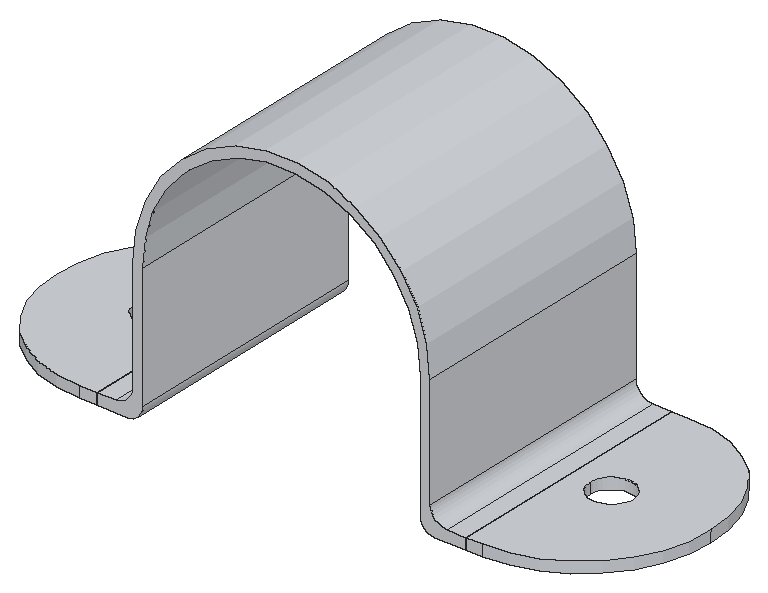
Revit family "PS1B", category Generic Models, Revit 2017
Family settings
  Can host rebar = No
  Round Connector Dimension = Use Diameter
  Part Type = Normal
  Work Plane-Based = Yes
  Always vertical = No
  Cut with Voids When Loaded = No
  Shared = No
  Room Calculation Point = No
Parameters (values of type "NBS Standard Parameters")
  Weight = "0.017Kg"
  WarrantyStartDate [instance] = "1900-12-31T23:59:59"
  WarrantyGuarantorParts = "n/a"
  WarrantyGuarantorLabor = "n/a"
  WarrantyDurationUnit = "1 year"
  WarrantyDurationParts = "n/a"
  WarrantyDurationLabor = "n/a"
  WarrantyDescription = "n/a"
  Version = "1"
  Uniclass2 = "Pr_65_70_11_20"
  TagNumber [instance] = "n/a"
  SustainabilityPerformance = "n/a"
  Size = "20mm"
  Shape = "n/a"
  SerialNumber [instance] = "n/a"
  Revision = "n/a"
  ReplacementCost = "n/a"
  ProductInformation = "www.metpro.co.uk/pdf/PS1G.pdf"
  NominalWidth = 19 mm
  NominalLength = 50 mm
  NominalHeight = 21 mm
  Name = ""
  NBSTypeID = ""
  NBSReference = "90-55-10/460"
  NBSOfficeMasterTag = ""
  NBSNote = ""
  NBSDescription = "Conduit Fittings"
  NBSCertification = ""
  ModelReference = "PS1B"
  ModelNumber = "n/a"
  Material = "Pressed Steel"
  ManufacturerURL = "www.metpro.co.uk"
  ManufacturerName = "Metpro Ltd"
  Keynote = "Compliant to LU standard 1-085"
  InstallationDate [instance] = "1900-12-31T23:59:59"
  IfcExportType = ""
  IfcExportAs = ""
  Grade = "n/a"
  Finish = "Black"
  Features = "n/a"
  ExpectedLife = "n/a"
  DurationUnit = "year"
  Description = "PS1B  - 20mm Plain Saddle"
  Default Elevation = 1219.2 mm
  Constituents = "n/a"
  Color = "n/a"
  CodePerformance = "n/a"
  Category = "n/a"
  BarCode [instance] = "n/a"
  BIMObjectName = "metpro_metprolibrary_conduitfittings_metalcomponent_Steelaccessories"
  Author = "Metpro Ltd"
  AssetType = ""
  AssetIdentifier [instance] = "n/a"
  AccessibilityPerformance = "n/a"
Reference planes
  plane 1 "Center (Front/Back)": y = 0
  plane 2: z = 0
  plane 3 "Center (Left/Right)": x = 0
Forms (mm)
  Extrusion 1, solid
    sketch origin (0, 10.674, 7.826) x (1, 0, 0) y (0, 0, 1)
      loop
        line (10, 1.094) -> (10, -7.931)
        arc (10, -7.931) -> (10.299, -8.654) -> (11.022, -8.953) r 1.022
        line (11.022, -8.953) -> (13.292, -8.953) -> (13.292, -8.137) -> (11.908, -8.137)
        arc (11.908, -8.137) -> (11.059, -7.785) -> (10.708, -6.937) r 1.2
        line (10.708, -6.937) -> (10.708, 1.094)
        arc (10.708, 1.094) -> (0, 11.801) -> (-10.708, 1.094) r 10.708
        line (-10.708, 1.094) -> (-10.708, -6.919)
        arc (-10.708, -6.919) -> (-11.064, -7.78) -> (-11.925, -8.137) r 1.217
        line (-11.925, -8.137) -> (-13.292, -8.137) -> (-13.292, -8.953) -> (-11.048, -8.953)
        arc (-11.048, -8.953) -> (-10.307, -8.646) -> (-10, -7.906) r 1.048
        line (-10, -7.906) -> (-10, 1.094)
        arc (-10, 1.094) -> (0, 11.094) -> (10, 1.094) r 10
    from 0 to 18.5
  Extrusion 2, solid
    sketch origin (10.708, 10.674, -0.311) x (1, 0, 0) y (0, 1, 0)
      loop
        line (-25.246, -18.5) -> (-24, -18.5) -> (-24, 0) -> (-25.263, 0)
        arc (-25.263, 0) -> (-31.707, -2.723) -> (-34.246, -9.241) r 8.987
        arc (-34.246, -9.241) -> (-31.702, -15.772) -> (-25.246, -18.5) r 9.004
      loop
        line (3.849, 0) -> (2.585, 0) -> (2.585, -18.5) -> (3.823, -18.5)
        arc (3.823, -18.5) -> (10.284, -15.771) -> (12.831, -9.237) r 9.012
        arc (12.831, -9.237) -> (10.291, -2.721) -> (3.849, 0) r 8.986
      loop
        circle (5.644, -9.237) r 1.585
      loop
        circle (-27.059, -9.237) r 1.585
    from 0 to -0.8
Dimensions and locks
  aligned and locked: level to plane 2
